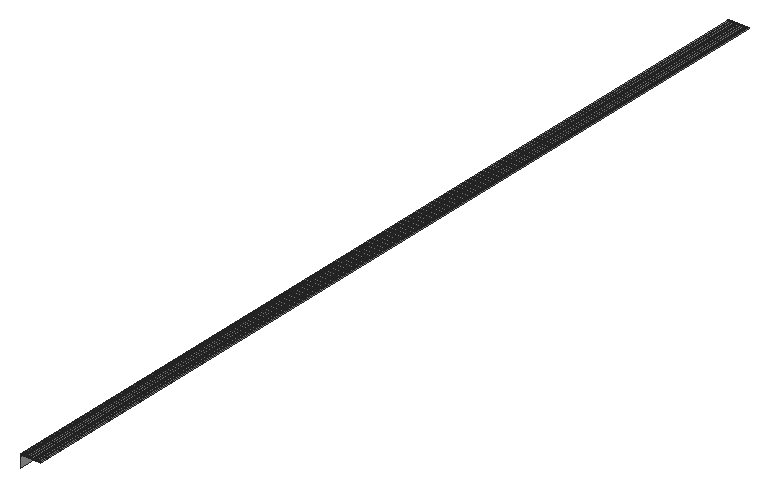
Revit family "111213004058734", category Modelos genéricos, Revit 2018
Family settings
  Puede alojar armadura = No
  Cota de conector redondo = Diámetro de uso
  Tipo de pieza = Normal
  Se basa en plano de trabajo = No
  Siempre vertical = No
  Corte con vacíos al cargar = No
  Compartido = No
  Punto de cálculo de habitación = No
Parameters (values of type "NARIZ DE GRADA PVC 68X40MM GRIS TIRA 3.0MT")
  Ventajas = "Autoextinguible"
  Uso = "Se utiliza para instalarlos en los vértices de las escaleras hechas de cerámica, metal,\r\npiso vinílico, entre otros. Con el objetivo de generar una solución antideslizante y así evitar\r\naccidentes.\r\nSe utiliza para instalarlos en los vértices de las escaleras hechas de cerámica, metal,\r\npiso vinílico, entre otros. Con el objetivo de generar una solución antideslizante y así evitar\r\naccidentes."
  Unidad = "Tiras de 1.20 Mts y 3.00 Mts."
  URL = "https://www.empresascnp.cl/"
  Num SKUs = "111213004058734"
  Nombre SKU = "NARIZ DE GRADA PVC 68X40MM GRIS TIRA 3.0MT"
  Modelo = "NARIZ DE GRADA PVC 68X40MM"
  Material = PVC flexible gris
  Url Ficha tecnica = "https://empresascnp.cl/wp-content/uploads//pdf/ficha-tecnica-nariz-de-grada-pvc-68x40mm-gris-tira-1-2mt.pdf"
  Largo = 3000.00 mm
  Espesor = 2.00 mm
  Empresa = "CNP SPA."
  Dureza = "80 shore A"
  Dimension = 68.00 mm
  Descripción = "Nariz de grada PVC 68x40 MM."
  Contacto = "info@empresascnp.cl"
  Color = "Gris"
  Aplicacion = "Escaleras"
  Alto = 40.00 mm
Reference planes
  plane 1 "Center F/B": y = 0
  plane 2: z = 0
  plane 3 "Center L/R": x = 0
  plane 4: z = -40
  plane 5 "2": y = 1500
  plane 6 "3": y = -1500
  plane 7: x = 68
  plane 8: z = -2
  plane 9 "4": x = 2
Forms (mm)
  Extrusion 1, solid, material "PVC flexible gris" <- "Material"
    sketch origin (0, 0, 0) x (1, 0, 0) y (0, 0, 1)
      loop
        line (0, -2) -> (0, -40) -> (2, -40) -> (2, -5)
        arc (2, -5) -> (2.879, -2.879) -> (5, -2) r 3
        line (5, -2) -> (68, -2) -> (68, 1) -> (67, 1) -> (67, 0) -> (66, 0) -> (66, 1) -> (65, 1) -> (65, 0) -> (64, 0) -> (64, 1) -> (63, 1) -> (63, 0) -> (62, 0) -> (62, 1) -> (61, 1) -> (61, 0) -> (60, 0) -> (60, 1) -> (59, 1) -> (59, 0) -> (58, 0) -> (58, 1) -> (57, 1) -> (57, 0) -> (56, 0) -> (56, 1) -> (55, 1) -> (55, 0) -> (54, 0) -> (54, 1) -> (53, 1) -> (53, 0) -> (52, 0) -> (52, 1) -> (51, 1) -> (51, 0) -> (50, 0) -> (50, 1) -> (49, 1) -> (49, 0) -> (48, 0) -> (48, 1) -> (47, 1) -> (47, 0) -> (46, 0) -> (46, 1) -> (45, 1) -> (45, 0) -> (44, 0) -> (44, 1) -> (43, 1) -> (43, 0) -> (42, 0) -> (42, 1) -> (41, 1) -> (41, 0) -> (40, 0) -> (40, 1) -> (39, 1) -> (39, 0) -> (38, 0) -> (38, 1) -> (37, 1) -> (37, 0) -> (36, 0) -> (36, 1) -> (35, 1) -> (35, 0) -> (34, 0) -> (34, 1) -> (33, 1) -> (33, 0) -> (32, 0) -> (32, 1) -> (31, 1) -> (31, 0) -> (30, 0) -> (30, 1) -> (29, 1) -> (29, 0) -> (28, 0) -> (28, 1) -> (27, 1) -> (27, 0) -> (26, 0) -> (26, 1) -> (25, 1) -> (25, 0) -> (24, 0) -> (24, 1) -> (23, 1) -> (23, 0) -> (22, 0) -> (22, 1) -> (21, 1) -> (21, 0) -> (20, 0) -> (20, 1) -> (19, 1) -> (19, 0) -> (18, 0) -> (18, 1) -> (17, 1) -> (17, 0) -> (16, 0) -> (16, 1) -> (15, 1) -> (15, 0) -> (14, 0) -> (14, 1) -> (13, 1) -> (13, 0) -> (12, 0) -> (12, 1) -> (11, 1) -> (11, 0) -> (10, 0) -> (10, 1) -> (9, 1) -> (9, 0) -> (8, 0) -> (8, 1) -> (7, 1) -> (7, 0) -> (6, 0) -> (6, 1) -> (5, 1) -> (5, 0) -> (4, 0) -> (4, 1) -> (3, 1)
        arc (3, 1) -> (0.879, 0.121) -> (0, -2) r 3
    from -1500 to 1500
Dimensions and locks
  "Alto": level to plane 4
  equal spacing: plane 6 "3", plane 1 "Center F/B", plane 5 "2"
  "Largo": plane 6 "3" to plane 5 "2"
  "Dimension": plane 7 to plane 3 "Center L/R"
  aligned and locked: plane 6 "3" to Extrusion 1
  aligned and locked: Extrusion 1 to plane 5 "2"
Automatic sketch dimensions
  Extrusion 1 sketch curve to plane 7 = 68.00 mm
  Extrusion 1 sketch curve to Extrusion 1 sketch curve = 2.00 mm  (x2)
  Extrusion 1 sketch curve to Extrusion 1 sketch curve = 3.00 mm  (x3)
  Extrusion 1 sketch curve to Extrusion 1 sketch curve = 1.00 mm  (x79)
  Extrusion 1 sketch curve to level = 40.00 mm
  Extrusion 1 sketch curve to Extrusion 1 sketch curve = 35.00 mm
  Extrusion 1 sketch curve to Extrusion 1 sketch curve = 0.00 mm  (x49)
